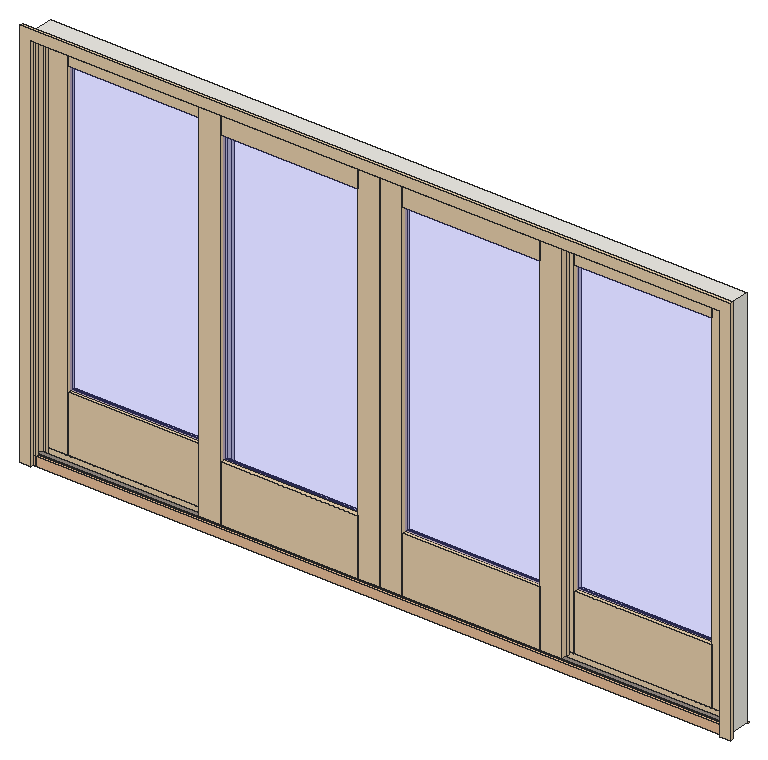
Revit family "Door-Gliding-Andersen-E_Series-Quad", category Doors, host Wall, Revit 2019 (continued)
Dimensions and locks (in)
  aligned and locked: plane 32 "T Casing 4" to curve 117
  aligned and locked: plane 13 "Casing S1" to curve 128
  aligned and locked: plane 10 "Flange" to curve 128
  aligned and locked: plane 54 "Frame S2 Ext" to curve 129
  aligned and locked: plane 9 "Frame S2" to curve 129
  aligned and locked: plane 20 "R Casing 4" to curve 128
  aligned and locked: plane 3 "R Frame" to curve 129
  aligned and locked: plane 13 "Casing S1" to curve 130
  aligned and locked: plane 10 "Flange" to curve 130
  aligned and locked: plane 54 "Frame S2 Ext" to curve 131
  aligned and locked: plane 9 "Frame S2" to curve 131
  aligned and locked: plane 4 "L Frame" to curve 131
  aligned and locked: plane 23 "L Casing 4" to curve 130
  aligned and locked: plane 13 "Casing S1" to curve 132
  aligned and locked: plane 10 "Flange" to curve 132
  aligned and locked: plane 9 "Frame S2" to curve 133
  aligned and locked: plane 5 "T Frame" to curve 133
  aligned and locked: plane 13 "Casing S1" to curve 4
  aligned and locked: plane 32 "T Casing 4" to curve 132
  aligned and locked: plane 4 "L Frame" to Masking region 8 sketch curve
  aligned and locked: plane 5 "T Frame" to Masking region 8 sketch curve
  aligned and locked: Masking region 8 sketch curve to plane 3 "R Frame"
Automatic sketch dimensions
  curve 15 to curve 17 = 0' - 0.988"
  curve 16 to curve 17 = 0' - 1.84113"
  curve 17 to curve 42 = 0' - 0 33/64"
  curve 19 to curve 45 = 0' - 2.0615"
  curve 43 to curve 21 = 0' - 0 1/2"
  curve 21 to curve 17 = 0' - 0 3/4"
  curve 43 to curve 17 = 0' - 0"
  curve 43 to curve 45 = 0' - 0.563"
  curve 42 to curve 42 = 0' - 0 5/8"
  curve 16 to curve 15 = 0' - 0 3/4"
  curve 46 to curve 15 = 0' - 1.08388"
  curve 22 to curve 21 = 0' - 0.21034"
  curve 34 to curve 36 = 0' - 0.988"
  curve 35 to curve 36 = 0' - 1.84113"
  curve 36 to curve 47 = 0' - 0 33/64"
  curve 38 to curve 50 = 0' - 2.0615"
  curve 48 to curve 40 = 0' - 0 1/2"
  curve 40 to curve 36 = 0' - 0 3/4"
  curve 48 to curve 36 = 0' - 0"
  curve 48 to curve 50 = 0' - 0.563"
  curve 47 to curve 47 = 0' - 0 5/8"
  curve 35 to curve 34 = 0' - 0 3/4"
  curve 51 to curve 34 = 0' - 1.08388"
  curve 41 to curve 40 = 0' - 0.21034"
  curve 54 to curve 52 = 0' - 0.988"
  curve 54 to curve 53 = 0' - 1.84113"
  curve 60 to curve 54 = 0' - 0 33/64"
  curve 63 to curve 56 = 0' - 2.0615"
  curve 58 to curve 61 = 0' - 0 1/2"
  curve 58 to curve 54 = 0' - 0 3/4"
  curve 61 to curve 54 = 0' - 0"
  curve 61 to curve 63 = 0' - 0.563"
  curve 60 to curve 60 = 0' - 0 5/8"
  curve 53 to curve 52 = 0' - 0 3/4"
  curve 64 to curve 52 = 0' - 1.08388"
  curve 58 to curve 59 = 0' - 0.21034"
  curve 29 to curve 85 = 0' - 0 1/2"
  curve 85 to curve 23 = 0' - 2.0615"
  curve 23 to curve 23 = 0' - 0 33/64"
  curve 24 to curve 25 = 0' - 2.21925"
  curve 25 to curve 30 = 0' - 0.39954"
  curve 25 to curve 87 = 0' - 0.60988"
  curve 26 to curve 83 = 0' - 0 1/8"
  curve 23 to curve 86 = 0' - 0.062"
  curve 26 to curve 26 = 0' - 0 3/4"
  curve 85 to curve 85 = 0' - 0.563"
  curve 25 to curve 87 = 0' - 0.33388"
  curve 28 to curve 87 = 0' - 0.41612"
  curve 81 to curve 90 = 0' - 0 1/2"
  curve 90 to curve 75 = 0' - 2.0615"
  curve 75 to curve 75 = 0' - 0 33/64"
  curve 76 to curve 77 = 0' - 2.21925"
  curve 77 to curve 82 = 0' - 0.39954"
  curve 77 to curve 92 = 0' - 0.60988"
  curve 78 to curve 88 = 0' - 0 1/8"
  curve 75 to curve 91 = 0' - 0.062"
  curve 78 to curve 78 = 0' - 0 3/4"
  curve 90 to curve 90 = 0' - 0.563"
  curve 77 to curve 92 = 0' - 0.33388"
  curve 80 to curve 92 = 0' - 0.41612"
  curve 67 to curve 68 = 0' - 0.65447"
  curve 68 to curve 70 = 0' - 1.31268"
  curve 71 to curve 65 = 0' - 1.82508"
  curve 65 to curve 65 = 0' - 1.05261"
  curve 93 to curve 71 = 0' - 0.06458"
  curve 65 to curve 65 = 0' - 0.05976"
  curve 65 to curve 73 = 0' - 0.13918"
  curve 71 to curve 71 = 0' - 0.12708"
  curve 71 to curve 72 = 0' - 0 1/8"
  curve 72 to curve 72 = 0' - 0.08478"
  curve 70 to curve 67 = 0' - 1.24271"
  curve 70 to curve 70 = 0' - 1.28489"
  curve 68 to curve 69 = 0' - 0.13398"
  curve 66 to curve 65 = 0' - 0.09649"
  curve 67 to curve 67 = 0' - 1 7/8"
  curve 72 to curve 95 = 0' - 1.60869"
  curve 69 to curve 94 = 0' - 1.21767"
  curve 9 to curve 67 = 0' - 0"
  curve 93 to curve 9 = 0' - 1 15/128"
  curve 93 to curve 9 = 0' - 0"
  curve 10 to curve 67 = 0' - 0"
  curve 8 to curve 66 = 0' - 0"
  curve 96 to curve 96 = 0' - 5 29/32"
  curve 97 to curve 97 = 0' - 5 29/32"
  curve 7 to curve 7 = 0' - 5 29/32"
  curve 103 to curve 104 = 0' - 0.65447"
  curve 104 to curve 106 = 0' - 1.31268"
  curve 107 to curve 101 = 0' - 1.82508"
  curve 101 to curve 101 = 0' - 1.05261"
  curve 111 to curve 107 = 0' - 0.06458"
  curve 101 to curve 101 = 0' - 0.05976"
  curve 101 to curve 109 = 0' - 0.13918"
  curve 107 to curve 107 = 0' - 0.12708"
  curve 107 to curve 108 = 0' - 0 1/8"
  curve 108 to curve 108 = 0' - 0.08478"
  curve 106 to curve 103 = 0' - 1.24271"
  curve 106 to curve 106 = 0' - 1.28489"
  curve 104 to curve 105 = 0' - 0.13398"
  curve 102 to curve 101 = 0' - 0.09649"
  curve 103 to curve 103 = 0' - 1 7/8"
  curve 108 to curve 113 = 0' - 1.60869"
  curve 105 to curve 112 = 0' - 1.21767"
  curve 99 to curve 103 = 0' - 0"
  curve 111 to curve 99 = 0' - 1 15/128"
  curve 111 to curve 99 = 0' - 0"
  curve 100 to curve 103 = 0' - 0"
  curve 98 to curve 102 = 0' - 0"
  Sweep 8 sketch curve to level = 0' - 0"  (x2)
  profile plane to Sweep 8 sketch curve = 0' - 0 3/4"
  profile plane to Sweep 12 sketch curve = 0' - 1.85627"
  Sweep 12 sketch curve to Sweep 12 sketch curve = 0' - 1.73369"
  Split face 1 sketch curve to Sweep 12 = 0' - 0"
  Split face 1 sketch curve to Sweep 12 = 0' - 1.83234"
  Split face 3 sketch curve to Sweep 10 = 0' - 0"  (x2)
  Split face 4 sketch curve to Sweep 10 = 0' - 0"
  Sweep 10 to Split face 4 sketch curve = 0' - 0"
  Sweep 10 to Split face 5 sketch curve = 0' - 0"
  Split face 5 sketch curve to Sweep 10 = 0' - 0"
  Split face 6 sketch curve to Sweep 10 = 0' - 0"  (x2)
  Split face 7 sketch curve to Sweep 8 = 0' - 0"
  Sweep 8 to Split face 7 sketch curve = 0' - 0"
  Sweep 8 to Split face 8 sketch curve = 0' - 0"  (x2)
  Split face 9 sketch curve to Sweep 8 = 0' - 0"  (x2)
  Split face 10 sketch curve to Sweep 8 = 0' - 0"
  Sweep 8 to Split face 10 sketch curve = 0' - 0"
  Split face 11 sketch curve to Sweep 8 = 0' - 0"  (x2)
  Split face 12 sketch curve to Sweep 8 = 0' - 0"  (x2)
  profile plane to Sweep 7 sketch curve = 0' - 1 3/8"
  profile plane to Sweep 7 sketch curve = 0' - 1.313"
  Sweep 7 sketch curve to plane 10 "Flange" = 0' - 4 1/16"
  profile plane to Sweep 7 sketch curve = 0' - 0.41612"
  plane 10 "Flange" to Sweep 7 sketch curve = 0' - 0.35575"
  Sweep 7 sketch curve to Sweep 7 sketch curve = 0' - 0.21034"
  curve 121 to plane 11 "Frame S1" = 0' - 0"
  curve 33 to plane 3 "R Frame" = 0' - 0"
  curve 12 to plane 3 "R Frame" = 0' - 0"
  curve 115 to plane 3 "R Frame" = 0' - 0"
  curve 33 to plane 36 "R Xjamb 1" = 0' - 0"
  curve 12 to plane 17 "R Casing 1" = 0' - 0 1/8"
  Sweep 9 sketch curve to profile plane = 0' - 0.09649"
  Sweep 9 sketch curve to plane 10 "Flange" = 0' - 3.94709"
  Sweep 9 sketch curve to profile plane = 0' - 0 5/32"
  Sweep 9 sketch curve to Sweep 9 sketch curve = 0' - 0.13918"
  Sweep 9 sketch curve to profile plane = 0' - 0.42251"
  Sweep 9 sketch curve to Sweep 9 sketch curve = 0' - 0 1/8"
  Sweep 9 sketch curve to profile plane = 0' - 0.63229"
  Sweep 9 sketch curve to Sweep 9 sketch curve = 0' - 1.28489"
  Sweep 9 sketch curve to Sweep 9 sketch curve = 0' - 0.13398"
  Sweep 9 sketch curve to Sweep 9 sketch curve = 0' - 1.31268"
  plane 10 "Flange" to Sweep 9 sketch curve = 0' - 0.40833"
  curve 32 to level = 0' - 0"
  curve 31 to level = 0' - 0"
  curve 119 to plane 46 "B Panel" = 0' - 0"
  curve 31 to plane 46 "B Panel" = 0' - 0"
  Sweep 13 sketch curve to profile plane = 0' - 0"
  Sweep 13 sketch curve to plane 10 "Flange" = 0' - 1.41675"
  Sweep 13 sketch curve to profile plane = 0' - 1.73369"
  plane 10 "Flange" to Sweep 13 sketch curve = 0' - 0 11/32"
  Sweep 13 sketch curve to Sweep 13 sketch curve = 0' - 0.12258"
  Split face 2 sketch curve to Sweep 13 = 0' - 0"
  Split face 2 sketch curve to Sweep 13 = 0' - 0 3/8"
  Split face 2 sketch curve to Split face 2 sketch curve = 0' - 1.83234"
  Split face 13 sketch curve to Sweep 7 = 0' - 0"
  Sweep 7 to Split face 13 sketch curve = 0' - 0"
  Split face 14 sketch curve to Sweep 7 = 0' - 0"  (x2)
  Split face 15 sketch curve to Sweep 7 = 0' - 0"  (x2)
  curve 116 to plane 10 "Flange" = 0' - 0"
  curve 14 to level = 0' - 0"
  curve 14 to plane 57 "Sill Interior" = 0' - 0"
  curve 14 to plane 58 "Sill Exterior" = 0' - 0"
  plane 30 "T Casing 2" to curve 1 = 0' - 0"
  curve 3 to plane 11 "Frame S1" = 0' - 0"
  curve 11 to plane 11 "Frame S1" = 0' - 0"
  plane 31 "T Casing 3" to curve 1 = 0' - 0"
  level to curve 119 = 0' - 0.29543"
Nested families (in)
  nested 1: "Gliding_Panel" at (53.8747, -0.25, 2.1562), Width <- "Panel Width", Height <- "Panel Height", Between Glass Grille Bar Finish <- "Between Glass Grille Bar Finish", Exterior Grille Bar Finish <- "Exterior Grille Bar Finish", Between Glass Grille Bar Visibility <- "Between Glass Grille Bar Visibility", Exterior Grille Bar Visibility <- "Exterior Grille Bar Visibility", Interior Grille Bar Visibility <- "Interior Grille Bar Visibility", . . Lights Wide <- ". . Lights Wide", . . Top Glass Lights High <- ". . Top Light Lights High", . . Bottom Glass Lights High <- ". . Bottom Light Lights High", . . .Lights Wide <- ". . .Lights Wide", . . .Lights High <- ". . .Lights High", . . .Bottom Bar Location <- ". . .Bottom Bar Location", . . .Bottom Bar Size <- ". . .Bottom Bar Size", Enter Pattern Number <- "Enter Pattern Number", Grille Bar Size <- "Grille Bar Size", Exterior Panel Finish <- "Exterior Panel Finish", Glazing <- "Glazing Material", Interior Material <- "Interior Material", type <- "Panel Type", Right Jamb Material <- "Exterior Panel Finish", Left Jamb Material <- "Exterior Panel Finish", type "SP2"
    with Width 3' - 2 5/8", VGB DLO 0' - 9.16673", V Bars 2, TS V DLO 5' - 2 3/16", TS V Bar Length 5' - 2 3/16", TS SH DLO 2' - 11 25/32", TS S V no, TS S H Craftsman no, TS S H no, TS M V no, TS M H no, TS HGB DLO 0' - 5", TS H Bars 2, Right Jamb Material Aluminum - Andersen - Painted - White, Left Jamb Material Aluminum - Andersen - Painted - White, LW 1, Is Outswing no, Is Inswing no, Is Gliding no, Interior Material Wood - Andersen - Pine, Interior Grille Bar Visibility yes, Horizontal Craftsman Bar Size 0' - 0 7/8", Hinge "", Height 6' - 6 7/8", H DLO 2' - 5.2502", Grille Bar Size 0' - 0 7/8", Glazing Glass ‐ Andersen - Low-E4 SmartSun, Exterior Panel Finish Aluminum - Andersen - Painted - White, Exterior Grille Bar Visibility yes, Exterior Grille Bar Finish Aluminum - Andersen - Painted - White, Enter Pattern Number 1, CTRL Elevation Swing Visibility no, Between Glass Grille Bar Visibility yes, Between Glass Grille Bar Finish Stainless Steel - Andersen - Standard, BS V DLO 1' - 8 11/32", BS SH DLO 1' - 10 11/64", BS S V no, BS S H no, BS M V no, BS M H no, BS HGB DLO 0' - 5", BS H Bars 2, . . Top Glass Lights High 1, . . Lights Wide 1, . . Bottom Glass Lights High 1, . . .Lights Wide 3, . . .Lights High 1, . . .Bottom Bar Size 0' - 0 7/8", . . .Bottom Bar Location 1' - 0", Top Rail Size 0' - 4 11/16", Stile Size 0' - 4.6874", Middle Rail Size 0' - 5 5/16", Bottom Rail Size 1' - 0"
  nested 2: "Gliding_Panel" at (-19.3125, -2.76125, 2.1562) x (-1, 0, 0) z (0, 0, 1), Width <- "Panel Width", Height <- "Panel Height", Between Glass Grille Bar Finish <- "Between Glass Grille Bar Finish", Exterior Grille Bar Finish <- "Exterior Grille Bar Finish", Between Glass Grille Bar Visibility <- "Between Glass Grille Bar Visibility", Exterior Grille Bar Visibility <- "Exterior Grille Bar Visibility", Interior Grille Bar Visibility <- "Interior Grille Bar Visibility", . . Lights Wide <- ". . Lights Wide", . . Top Glass Lights High <- ". . Top Light Lights High", . . Bottom Glass Lights High <- ". . Bottom Light Lights High", . . .Lights Wide <- ". . .Lights Wide", . . .Lights High <- ". . .Lights High", . . .Bottom Bar Location <- ". . .Bottom Bar Location", . . .Bottom Bar Size <- ". . .Bottom Bar Size", Enter Pattern Number <- "Enter Pattern Number", Grille Bar Size <- "Grille Bar Size", Is Gliding <- "Is Gliding", Exterior Panel Finish <- "Exterior Panel Finish", Glazing <- "Glazing Material", Interior Material <- "Interior Material", type <- "Panel Type", Left Jamb Material <- "Interior Material", Right Jamb Material <- "Interior Material", type "SP2"
    with Width 3' - 2 5/8", VGB DLO 0' - 9.16673", V Bars 2, TS V DLO 5' - 2 3/16", TS V Bar Length 5' - 2 3/16", TS SH DLO 2' - 11 25/32", TS S V no, TS S H Craftsman no, TS S H no, TS M V no, TS M H no, TS HGB DLO 0' - 5", TS H Bars 2, Right Jamb Material Wood - Andersen - Pine, Left Jamb Material Wood - Andersen - Pine, LW 1, Is Outswing no, Is Inswing no, Is Gliding yes, Interior Material Wood - Andersen - Pine, Interior Grille Bar Visibility yes, Horizontal Craftsman Bar Size 0' - 0 7/8", Hinge "", Height 6' - 6 7/8", H DLO 2' - 5.2502", Grille Bar Size 0' - 0 7/8", Glazing Glass ‐ Andersen - Low-E4 SmartSun, Exterior Panel Finish Aluminum - Andersen - Painted - White, Exterior Grille Bar Visibility yes, Exterior Grille Bar Finish Aluminum - Andersen - Painted - White, Enter Pattern Number 1, CTRL Elevation Swing Visibility no, Between Glass Grille Bar Visibility yes, Between Glass Grille Bar Finish Stainless Steel - Andersen - Standard, BS V DLO 1' - 8 11/32", BS SH DLO 1' - 10 11/64", BS S V no, BS S H no, BS M V no, BS M H no, BS HGB DLO 0' - 5", BS H Bars 2, . . Top Glass Lights High 1, . . Lights Wide 1, . . Bottom Glass Lights High 1, . . .Lights Wide 3, . . .Lights High 1, . . .Bottom Bar Size 0' - 0 7/8", . . .Bottom Bar Location 1' - 0", Top Rail Size 0' - 4 11/16", Stile Size 0' - 4.6874", Middle Rail Size 0' - 5 5/16", Bottom Rail Size 1' - 0"
  nested 3: "Gliding_Panel" at (-53.875, -0.25, 2.1562) x (-1, 0, 0) z (0, 0, 1), Width <- "Panel Width", Height <- "Panel Height", Between Glass Grille Bar Finish <- "Between Glass Grille Bar Finish", Exterior Grille Bar Finish <- "Exterior Grille Bar Finish", Between Glass Grille Bar Visibility <- "Between Glass Grille Bar Visibility", Exterior Grille Bar Visibility <- "Exterior Grille Bar Visibility", Interior Grille Bar Visibility <- "Interior Grille Bar Visibility", . . Lights Wide <- ". . Lights Wide", . . Top Glass Lights High <- ". . Top Light Lights High", . . Bottom Glass Lights High <- ". . Bottom Light Lights High", . . .Lights Wide <- ". . .Lights Wide", . . .Lights High <- ". . .Lights High", . . .Bottom Bar Location <- ". . .Bottom Bar Location", . . .Bottom Bar Size <- ". . .Bottom Bar Size", Enter Pattern Number <- "Enter Pattern Number", Grille Bar Size <- "Grille Bar Size", Exterior Panel Finish <- "Exterior Panel Finish", Glazing <- "Glazing Material", Interior Material <- "Interior Material", type <- "Panel Type", Right Jamb Material <- "Exterior Panel Finish", Left Jamb Material <- "Exterior Panel Finish", type "SP2"
    with Width 3' - 2 5/8", VGB DLO 0' - 9.16673", V Bars 2, TS V DLO 5' - 2 3/16", TS V Bar Length 5' - 2 3/16", TS SH DLO 2' - 11 25/32", TS S V no, TS S H Craftsman no, TS S H no, TS M V no, TS M H no, TS HGB DLO 0' - 5", TS H Bars 2, Right Jamb Material Aluminum - Andersen - Painted - White, Left Jamb Material Aluminum - Andersen - Painted - White, LW 1, Is Outswing no, Is Inswing no, Is Gliding no, Interior Material Wood - Andersen - Pine, Interior Grille Bar Visibility yes, Horizontal Craftsman Bar Size 0' - 0 7/8", Hinge "", Height 6' - 6 7/8", H DLO 2' - 5.2502", Grille Bar Size 0' - 0 7/8", Glazing Glass ‐ Andersen - Low-E4 SmartSun, Exterior Panel Finish Aluminum - Andersen - Painted - White, Exterior Grille Bar Visibility yes, Exterior Grille Bar Finish Aluminum - Andersen - Painted - White, Enter Pattern Number 1, CTRL Elevation Swing Visibility no, Between Glass Grille Bar Visibility yes, Between Glass Grille Bar Finish Stainless Steel - Andersen - Standard, BS V DLO 1' - 8 11/32", BS SH DLO 1' - 10 11/64", BS S V no, BS S H no, BS M V no, BS M H no, BS HGB DLO 0' - 5", BS H Bars 2, . . Top Glass Lights High 1, . . Lights Wide 1, . . Bottom Glass Lights High 1, . . .Lights Wide 3, . . .Lights High 1, . . .Bottom Bar Size 0' - 0 7/8", . . .Bottom Bar Location 1' - 0", Top Rail Size 0' - 4 11/16", Stile Size 0' - 4.6874", Middle Rail Size 0' - 5 5/16", Bottom Rail Size 1' - 0"
  nested 4: "Gliding_Panel" at (19.3125, -2.76125, 2.1562), Width <- "Panel Width", Height <- "Panel Height", Between Glass Grille Bar Finish <- "Between Glass Grille Bar Finish", Exterior Grille Bar Finish <- "Exterior Grille Bar Finish", Between Glass Grille Bar Visibility <- "Between Glass Grille Bar Visibility", Exterior Grille Bar Visibility <- "Exterior Grille Bar Visibility", Interior Grille Bar Visibility <- "Interior Grille Bar Visibility", . . Lights Wide <- ". . Lights Wide", . . Top Glass Lights High <- ". . Top Light Lights High", . . Bottom Glass Lights High <- ". . Bottom Light Lights High", . . .Lights Wide <- ". . .Lights Wide", . . .Lights High <- ". . .Lights High", . . .Bottom Bar Location <- ". . .Bottom Bar Location", . . .Bottom Bar Size <- ". . .Bottom Bar Size", Enter Pattern Number <- "Enter Pattern Number", Grille Bar Size <- "Grille Bar Size", Is Gliding <- "Is Gliding", Exterior Panel Finish <- "Exterior Panel Finish", Glazing <- "Glazing Material", Interior Material <- "Interior Material", type <- "Panel Type", Right Jamb Material <- "Interior Material", Left Jamb Material <- "Interior Material", type "SP2"
    with Width 3' - 2 5/8", VGB DLO 0' - 9.16673", V Bars 2, TS V DLO 5' - 2 3/16", TS V Bar Length 5' - 2 3/16", TS SH DLO 2' - 11 25/32", TS S V no, TS S H Craftsman no, TS S H no, TS M V no, TS M H no, TS HGB DLO 0' - 5", TS H Bars 2, Right Jamb Material Wood - Andersen - Pine, Left Jamb Material Wood - Andersen - Pine, LW 1, Is Outswing no, Is Inswing no, Is Gliding yes, Interior Material Wood - Andersen - Pine, Interior Grille Bar Visibility yes, Horizontal Craftsman Bar Size 0' - 0 7/8", Hinge "", Height 6' - 6 7/8", H DLO 2' - 5.2502", Grille Bar Size 0' - 0 7/8", Glazing Glass ‐ Andersen - Low-E4 SmartSun, Exterior Panel Finish Aluminum - Andersen - Painted - White, Exterior Grille Bar Visibility yes, Exterior Grille Bar Finish Aluminum - Andersen - Painted - White, Enter Pattern Number 1, CTRL Elevation Swing Visibility no, Between Glass Grille Bar Visibility yes, Between Glass Grille Bar Finish Stainless Steel - Andersen - Standard, BS V DLO 1' - 8 11/32", BS SH DLO 1' - 10 11/64", BS S V no, BS S H no, BS M V no, BS M H no, BS HGB DLO 0' - 5", BS H Bars 2, . . Top Glass Lights High 1, . . Lights Wide 1, . . Bottom Glass Lights High 1, . . .Lights Wide 3, . . .Lights High 1, . . .Bottom Bar Size 0' - 0 7/8", . . .Bottom Bar Location 1' - 0", Top Rail Size 0' - 4 11/16", Stile Size 0' - 4.6874", Middle Rail Size 0' - 5 5/16", Bottom Rail Size 1' - 0"
Definition of nested family "Gliding_Panel"
  Parameters
    URL = "www.eaglewindow.com"
    Right Jamb Material [instance] = none
    Model = "E-Series Doors"  # constant formula
    Manufacturer = "Andersen Corporation"  # constant formula
    Left Jamb Material [instance] = none
    Is Gliding [instance] = no
    Interior Material [instance] = none
    Hinge [instance] = ""
    Grille Bar Sizes = "5/8'', 7/8'', 1 1/8'', 1 1/2'', 2 1/4''"  # constant formula
    Glazing [instance] = none
    Exterior Panel Finish [instance] = none
    Description = "Aluminum-Clad Wood Doors"  # constant formula
    CTRL Elevation Swing Visibility [instance] = or(Is Outswing, Is Inswing)  # no
    Between Glass Grille Bar Sizes = "5/8'', 1''"  # constant formula
    Grille Bar Size [instance] = 0' - 0 7/8"
    Enter Pattern Number [instance] = 1
    Pattern Number 1 = "Traditional"  # constant formula
    Pattern Number 2 = "Traditional Top Light Only"  # constant formula
    Analytic Construction = "<None>"
    . . Lights Wide [instance] = 3
    . . Top Glass Lights High [instance] = 3
    . . Bottom Glass Lights High [instance] = 4
    Pattern Number 3 = "Praire Each Light"  # constant formula
    Pattern Number 4 = "Praire Top Light Only"  # constant formula
    Pattern Number 5 = "Praire Overall"  # constant formula
    Pattern Number 6 = "Craftsman"  # constant formula
    . . .Lights Wide [instance] = 3
    . . .Lights High [instance] = 1
    . . .Bottom Bar Location [instance] = 1' - 6"
    . . .Bottom Bar Size [instance] = 0' - 0 7/8"
    Interior Grille Bar Visibility [instance] = yes
    Exterior Grille Bar Visibility [instance] = yes
    Between Glass Grille Bar Visibility [instance] = yes
    Width [instance] = 2' - 10 3/4"
    VGB DLO [instance] = if(or(Enter Pattern Number = 3, or(Enter Pattern Number = 4, Enter Pattern Number = 5)), 0' 5", (H DLO - (Grille Bar Size * (V Bars))) / if(LW > 2, LW, 3))  # 0' - 9.16667"
    V Bars [instance] = if(LW > 2, LW - 1, 2)  # 2
    Type Comments = "Aluminum-Clad Wood"
    Top Rail Size = 0' - 2 3/4"
    Thickness = 0' - 1 3/4"
    TS V DLO [instance] = if(Has Middle Rail, Height - Top Rail Size - Middle Rail Size - Middle Rail Offset, Height - Bottom Rail Size - Top Rail Size)  # 6' - 6 1/2"
    TS V Bar Length [instance] = if(Enter Pattern Number = 6, . . .Bottom Bar Location - Top Rail Size - (. . .Bottom Bar Size / 2), TS V DLO)  # 6' - 6 1/2"
    TS SH DLO [instance] = if(Enter Pattern Number = 5, Top Rail Size + 0' 5" + (Grille Bar Size / 2), if(Enter Pattern Number = 6, . . .Bottom Bar Location, (TS V DLO / 2) + Top Rail Size))  # 3' - 6"
    TS S V [instance] = LW = 2  # no
    TS S H Craftsman [instance] = and(Enter Pattern Number = 6, . . .Lights High = 2)  # no
    TS S H [instance] = or(or(and(. . Top Glass Lights High = 2, or(or(or(Enter Pattern Number = 5, Enter Pattern Number = 6), Enter Pattern Number = 1), Enter Pattern Number = 2)), Enter Pattern Number = 6), Enter Pattern Number = 5)  # no
    TS M V [instance] = or(or(or(or(or(and(LW > 2, Enter Pattern Number = 1), and(LW > 2, Enter Pattern Number = 2)), Enter Pattern Number = 3), Enter Pattern Number = 4), Enter Pattern Number = 5), and(LW > 2, Enter Pattern Number = 6))  # yes
    TS M H [instance] = or(or(or(and(. . Top Glass Lights High > 2, Enter Pattern Number = 1), and(. . Top Glass Lights High > 2, Enter Pattern Number = 2), Enter Pattern Number = 3), Enter Pattern Number = 4), and(. . .Lights High > 2, Enter Pattern Number = 6))  # yes
    TS HGB DLO [instance] = if(or(Enter Pattern Number = 3, Enter Pattern Number = 4), 0' 5", if(and(Enter Pattern Number = 6, . . .Lights High > 2), (TS V Bar Length - (Grille Bar Size * (. . .Lights High - 1))) / . . .Lights High, if(. . Top Glass Lights High > 2, (TS V Bar Length - (. . .Bottom Bar Size * (. . Top Glass Lights High - 1))) / . . Top Glass Lights High, 0' 5")))  # 2' - 1.58333"
    TS H Bars [instance] = if(or(Enter Pattern Number = 3, Enter Pattern Number = 4), 2, if(and(Enter Pattern Number = 6, . . .Lights High > 2), . . .Lights High - 1, if(. . Top Glass Lights High > 2, . . Top Glass Lights High - 1, 2)))  # 2
    LW [instance] = if(or(Enter Pattern Number = 1, Enter Pattern Number = 2), . . Lights Wide, if(Enter Pattern Number = 6, . . .Lights Wide, 3))  # 3
    Horizontal Craftsman Bar Size [instance] = if(Enter Pattern Number = 6, . . .Bottom Bar Size, Grille Bar Size)  # 0' - 0 7/8"
    Stile Size = 0' - 2 3/4"
    Middle Rail Size = 0' - 2 3/4"
    Middle Rail Offset = 2' - 8 11/32"
    Is Outswing [instance] = no
    Is Inswing [instance] = no
    Height [instance] = 7' - 0"
    No Middle Rail = not(Has Middle Rail)  # yes
    Has Middle Rail = 1 = 0  # no
    H DLO [instance] = Width - (2 * Stile Size)  # 2' - 5 1/4"
    Family Version = "06.01.14"  # constant formula
    Exterior Grille Bar Finish [instance] = none
    Bottom Rail Size = 0' - 2 3/4"
    Between Glass Grille Bar Finish [instance] = none
    BS V DLO [instance] = Middle Rail Offset - Bottom Rail Size  # 2' - 5 19/32"
    BS SH DLO [instance] = if(Enter Pattern Number = 5, Bottom Rail Size + 0' 5" + (Grille Bar Size / 2), (BS V DLO / 2) + Bottom Rail Size)  # 1' - 5 35/64"
    BS S V [instance] = and(and(LW = 2, Enter Pattern Number = 1), Has Middle Rail)  # no
    BS S H [instance] = or(and(. . Bottom Glass Lights High = 2, Enter Pattern Number = 1, Has Middle Rail), Enter Pattern Number = 5)  # no
    BS M V [instance] = and(or(or(and(LW > 2, Enter Pattern Number = 1), Enter Pattern Number = 3), Enter Pattern Number = 5), Has Middle Rail)  # no
    BS M H [instance] = and(or(and(. . Bottom Glass Lights High > 2, Enter Pattern Number = 1), Enter Pattern Number = 3), Has Middle Rail)  # no
    BS HGB DLO [instance] = if(. . Bottom Glass Lights High > 2, if(Enter Pattern Number = 3, 0' 5", (BS V DLO - (Grille Bar Size * (. . Bottom Glass Lights High - 1))) / . . Bottom Glass Lights High), 0' 5")  # 0' - 6 95/128"
    BS H Bars [instance] = if(Enter Pattern Number = 3, 2, if(. . Bottom Glass Lights High > 2, . . Bottom Glass Lights High - 1, 2))  # 3
    Appear In Schedule = 0 = 1  # no
  Reference planes (in)
    plane 1 "Center (Front/Back)": y = 0
    plane 2 "Bottom": z = 0
    plane 3 "Center (Left/Right)": x = 0
    plane 4 "Panel S1": y = 0.875
    plane 5 "Panel S2": y = -0.875
    plane 6 "Left": x = -17.375
    plane 7 "Right": x = 17.375
    plane 8 "Top": z = 84
    plane 9 "Center (Elevation)": z = 42
    plane 10 "Right of Left Side": x = -14.625
    plane 11 "Left of Right Side": x = 14.625
    plane 12 "Top of Bottom Rail": z = 2.75
    plane 13 "Bottom of Top Rail": z = 81.25
    plane 14 "Bottom of Middle Rail": z = 32.34375
    plane 15 "Top of Middle Rail": z = 35.09375
    plane 16 "Glass S4": y = -0.25
    plane 17 "Glass S1": y = 0.5
    plane 18 "Glass S3": y = -0.125
    plane 19 "Glass S2": y = 0.375
    plane 20 "B DLO": z = 2.75
    plane 21 "Sliding Elevation": x = -5.7729
  Forms (in)
    Sweep 1, solid, material <- "Exterior Panel Finish"
      path origin (0, 0, 0) x (1, 0, 0) y (0, 0, 1)
        loop
          line (0, 84) -> (0, 0)
      profile origin (0, 0, 42) x (0, -1, 0) y (1, 0, 0)
        loop
          line (-0.875, -17.375) -> (-0.5, -17.375) -> (-0.5, -14.625) -> (-0.875, -14.625) -> (-0.875, -17.375)
        loop
          line (-0.875, 17.375) -> (-0.875, 14.625) -> (-0.5, 14.625) -> (-0.5, 17.375) -> (-0.875, 17.375)
    Sweep 2, solid, material <- "Exterior Panel Finish"
      path origin (0, 0, 0) x (1, 0, 0) y (0, 0, 1)
        loop
          line (-14.625, 2.75) -> (14.625, 2.75)
      profile origin (0, 0, 2.75) x (0, 0, 1) y (0, -1, 0)
        loop
          line (0, -0.875) -> (0, -0.5) -> (-2.75, -0.5) -> (-2.75, -0.875) -> (0, -0.875)
        loop
          line (78.5, -0.5) -> (78.5, -0.875) -> (81.25, -0.875) -> (81.25, -0.5) -> (78.5, -0.5)
    Sweep 3, solid, material <- "Interior Material"
      path origin (0, 0, 0) x (1, 0, 0) y (0, 0, 1)
        loop
          line (0, 84) -> (0, 0)
      profile origin (0, 0, 42) x (0, -1, 0) y (1, 0, 0)
        loop
          line (0.875, 17.375) -> (-0.5, 17.375) -> (-0.5, 14.625) -> (0.875, 14.625) -> (0.875, 17.375)
        loop
          line (0.875, -14.625) -> (-0.5, -14.625) -> (-0.5, -17.375) -> (0.875, -17.375) -> (0.875, -14.625)
    Sweep 4, solid, material <- "Interior Material"
      path origin (0, 0, 0) x (1, 0, 0) y (0, 0, 1)
        loop
          line (-14.625, 35.09375) -> (14.625, 35.09375)
      profile origin (0, 0, 35.09375) x (0, 0, 1) y (0, -1, 0)
        loop
          line (48.90625, 0.875) -> (46.15625, 0.875) -> (46.15625, -0.5) -> (48.90625, -0.5) -> (48.90625, 0.875)
        loop
          line (-32.34375, 0.875) -> (-35.09375, 0.875) -> (-35.09375, -0.5) -> (-32.34375, -0.5) -> (-32.34375, 0.875)
    Sweep 5, solid, material <- "Glazing"
      path origin (0, 0, 0) x (1, 0, 0) y (0, 0, 1)
        loop
          line (0, 81.25) -> (0, 2.75)
      profile origin (0, 0, 42) x (0, -1, 0) y (1, 0, 0)
        loop
          line (-0.5, 14.625) -> (-0.5, -14.625) -> (0.25, -14.625) -> (0.25, 14.625) -> (-0.5, 14.625)
    Sweep 6, solid, material <- "Exterior Panel Finish", visible <- "Has Middle Rail"
      path origin (0, 0, 0) x (1, 0, 0) y (0, 0, 1)
        loop
          line (-14.625, 35.09375) -> (14.625, 35.09375)
      profile origin (0, 0, 35.09375) x (0, 0, 1) y (0, -1, 0)
        loop
          line (0, -0.875) -> (0, -0.5) -> (-2.75, -0.5) -> (-2.75, -0.875) -> (0, -0.875)
    Sweep 7, solid, material <- "Interior Material", visible <- "Has Middle Rail"
      path origin (0, 0, 0) x (1, 0, 0) y (0, 0, 1)
        loop
          line (-14.625, 35.09375) -> (14.625, 35.09375)
      profile origin (0, 0, 35.09375) x (0, 0, 1) y (0, -1, 0)
        loop
          line (0, -0.5) -> (0, 0.875) -> (-2.75, 0.875) -> (-2.75, -0.5) -> (0, -0.5)
  Lines and regions (in)
    Masking region 1
      outline origin (0, 0, 0) x (1, 0, 0) y (0, 1, 0)
        loop
          line (17.375, 0.875) -> (-17.375, 0.875) -> (-17.375, -0.875) -> (17.375, -0.875) -> (17.375, 0.875)
    Masking region 2
      outline origin (0, 0, 0) x (0, 1, 0) y (0, 0, 1)
        loop
          line (0.875, 84) -> (-0.875, 84) -> (-0.875, 0) -> (0.875, 0) -> (0.875, 84)
    Masking region 3
      outline origin (0, 0, 0) x (1, 0, 0) y (0, 0, 1)
        loop
          line (17.375, 84) -> (-17.375, 84) -> (-17.375, 0) -> (17.375, 0) -> (17.375, 84)
    symbolic lines
      curve 1: line (14.625, 0, 81.25) -> (-14.625, 0, 81.25)
      curve 6: line (-14.625, 0, 2.75) -> (14.625, 0, 2.75)
      curve 19: line (0, -0.25, 2.75) -> (0, -0.25, 32.34375)
      curve 20: line (0, 0.5, 2.75) -> (0, 0.5, 32.34375)
      curve 21: line (0, -0.25, 34.46875) -> (0, -0.25, 81.25)
      curve 22: line (0, 0.5, 34.46875) -> (0, 0.5, 81.25)
      curve 60: line (0, 0.875, 2.48437) -> (0, 0.78125, 2.48437)
      curve 61: line (0, 0.78125, 2.48437) -> (0, 0.64063, 2.75)
      curve 62: line (0, 0.64063, 2.75) -> (0, 0.5, 2.75)
      curve 63: line (0, 0.5, 2.75) -> (0, 0.5, 2.125)
      curve 64: line (0, -0.875, 2.125) -> (0, 0.5, 2.125)
      curve 65: line (0, -0.75, 2.65625) -> (0, -0.75, 2.125)
      curve 66: line (0, -0.25, 2.75) -> (0, -0.75, 2.65625)
      curve 67: line (0, -0.25, 2.125) -> (0, -0.25, 2.75)
      curve 93: line (0, 0.875, 81.51562) -> (0, 0.78125, 81.51562)
      curve 94: line (0, 0.78125, 81.51562) -> (0, 0.64062, 81.25)
      curve 95: line (0, 0.64062, 81.25) -> (0, 0.5, 81.25)
      curve 96: line (0, 0.5, 81.25) -> (0, 0.5, 81.875)
      curve 97: line (0, -0.875, 81.875) -> (0, 0.5, 81.875)
      curve 98: line (0, -0.75, 81.34375) -> (0, -0.75, 81.875)
      curve 99: line (0, -0.25, 81.25) -> (0, -0.75, 81.34375)
      curve 100: line (0, -0.25, 81.875) -> (0, -0.25, 81.25)
    symbolic lines, detail levels medium+fine
      curve 2: line (14.625, 0, 0) -> (14.625, 0, 84)
      curve 4: line (-14.625, 0, 84) -> (-14.625, 0, 0)
      curve 23: line (-14.625, 0.5, 0) -> (14.625, 0.5, 0)
      curve 24: line (14.625, -0.25, 0) -> (-14.625, -0.25, 0)
    symbolic lines, visible <- "Has Middle Rail"
      curve 3: line (-14.625, 0, 35.09375) -> (14.625, 0, 35.09375)
      curve 5: line (14.625, 0, 32.34375) -> (-14.625, 0, 32.34375)
      curve 82: line (0, 0.875, 34.82812) -> (0, 0.78125, 34.82812)
      curve 83: line (0, 0.78125, 34.82812) -> (0, 0.64062, 35.09375)
      curve 84: line (0, 0.64062, 35.09375) -> (0, 0.5, 35.09375)
      curve 85: line (0, 0.5, 35.09375) -> (0, 0.5, 34.46875)
      curve 86: line (0, -0.875, 34.46875) -> (0, 0.5, 34.46875)
      curve 87: line (0, -0.75, 35) -> (0, -0.75, 34.46875)
      curve 88: line (0, -0.25, 35.09375) -> (0, -0.75, 35)
      curve 89: line (0, -0.25, 34.46875) -> (0, -0.25, 35.09375)
      curve 104: line (0, 0.875, 32.60937) -> (0, 0.78125, 32.60937)
      curve 105: line (0, 0.78125, 32.60937) -> (0, 0.64062, 32.34375)
      curve 106: line (0, 0.64062, 32.34375) -> (0, 0.5, 32.34375)
      curve 107: line (0, 0.5, 32.34375) -> (0, 0.5, 32.96875)
      curve 108: line (0, -0.875, 32.96875) -> (0, 0.5, 32.96875)
      curve 109: line (0, -0.75, 32.4375) -> (0, -0.75, 32.96875)
      curve 110: line (0, -0.25, 32.34375) -> (0, -0.75, 32.4375)
      curve 111: line (0, -0.25, 32.96875) -> (0, -0.25, 32.34375)
    symbolic lines, visible <- "Is Outswing"
      curve 7: line (17.375, 0.875, 0) -> (17.375, 35.625, 0)
      curve 8: arc (-17.375, 0.875, 0) -> (-6.90927, 25.15927, 0) -> (17.375, 35.625, 0) r 35.7816
    symbolic lines, visible <- "Is Inswing"
      curve 9: line (17.375, -0.875, 0) -> (17.375, -35.625, 0)
      curve 10: arc (-17.375, -0.875, 0) -> (-7.19696, -25.44696, 0) -> (17.375, -35.625, 0) r 34.75
    symbolic lines, visible <- "CTRL Elevation Swing Visibility"
      curve 11: line (-17.375, 0, 84) -> (17.375, 0, 42)
      curve 12: line (17.375, 0, 42) -> (-17.375, 0, 0)
    symbolic lines, detail levels fine
      curve 13: line (0, -0.125, 81.25) -> (0, -0.125, 34.46875)
      curve 14: line (0, 0.375, 81.25) -> (0, 0.375, 34.46875)
      curve 15: line (0, -0.125, 32.34375) -> (0, -0.125, 2.75)
      curve 16: line (0, 0.375, 32.34375) -> (0, 0.375, 2.75)
      curve 17: line (-14.625, -0.125, 0) -> (14.625, -0.125, 0)
      curve 18: line (-14.625, 0.375, 0) -> (14.625, 0.375, 0)
      curve 25: line (14.89063, 0.875, 0) -> (14.89063, 0.78125, 0)
      curve 26: line (14.89063, 0.78125, 0) -> (14.625, 0.64062, 0)
      curve 27: line (14.625, 0.64062, 0) -> (14.625, 0.5, 0)
      curve 28: line (14.625, 0.5, 0) -> (15.25, 0.5, 0)
      curve 29: line (15.25, 0.5, 0) -> (15.25, -0.875, 0)
      curve 30: line (15.25, -0.25, 0) -> (14.625, -0.25, 0)
      curve 31: line (14.625, -0.25, 0) -> (14.71875, -0.75, 0)
      curve 32: line (14.71875, -0.75, 0) -> (15.25, -0.75, 0)
      curve 41: line (-14.89063, 0.875, 0) -> (-14.89063, 0.78125, 0)
      curve 42: line (-14.89063, 0.78125, 0) -> (-14.625, 0.64062, 0)
      curve 43: line (-14.625, 0.64062, 0) -> (-14.625, 0.5, 0)
      curve 44: line (-14.625, 0.5, 0) -> (-15.25, 0.5, 0)
      curve 45: line (-15.25, 0.5, 0) -> (-15.25, -0.875, 0)
      curve 46: line (-15.25, -0.25, 0) -> (-14.625, -0.25, 0)
      curve 47: line (-14.625, -0.25, 0) -> (-14.71875, -0.75, 0)
      curve 48: line (-14.71875, -0.75, 0) -> (-15.25, -0.75, 0)
      curve 49: line (14.625, 0.375, 0) -> (15.25, 0.375, 0)
      curve 50: line (14.625, -0.125, 0) -> (15.25, -0.125, 0)
      curve 51: line (14.75, -0.125, 0) -> (14.75, 0.375, 0)
      curve 55: line (-14.625, 0.375, 0) -> (-15.25, 0.375, 0)
      curve 56: line (-14.625, -0.125, 0) -> (-15.25, -0.125, 0)
      curve 57: line (-14.75, -0.125, 0) -> (-14.75, 0.375, 0)
      curve 68: line (0, -0.125, 2.75) -> (0, -0.125, 2.125)
      curve 69: line (0, -0.125, 2.625) -> (0, 0.375, 2.625)
      curve 70: line (0, 0.375, 2.75) -> (0, 0.375, 2.125)
      curve 101: line (0, -0.125, 81.25) -> (0, -0.125, 81.875)
      curve 102: line (0, -0.125, 81.375) -> (0, 0.375, 81.375)
      curve 103: line (0, 0.375, 81.25) -> (0, 0.375, 81.875)
    symbolic lines, not visible, detail levels fine
      curve 33: line (9.54443, 3.16951, 0) -> (9.54443, 3.07576, 0)
      curve 34: line (9.54443, 3.07576, 0) -> (9.2788, 2.93514, 0)
      curve 35: line (9.2788, 2.93514, 0) -> (9.2788, 2.79451, 0)
      curve 36: line (9.2788, 2.79451, 0) -> (9.9038, 2.79451, 0)
      curve 37: line (9.9038, 2.79451, 0) -> (9.9038, 1.41951, 0)
      curve 38: line (9.9038, 2.04451, 0) -> (9.2788, 2.04451, 0)
      curve 39: line (9.2788, 2.04451, 0) -> (9.37255, 1.54451, 0)
      curve 40: line (9.37255, 1.54451, 0) -> (9.9038, 1.54451, 0)
      curve 52: line (9.2788, 2.66951, 0) -> (9.9038, 2.66951, 0)
      curve 53: line (9.2788, 2.16951, 0) -> (9.9038, 2.16951, 0)
      curve 54: line (9.4038, 2.16951, 0) -> (9.4038, 2.66951, 0)
      curve 79: line (0, 6.94392, 10.7869) -> (0, 6.94392, 10.1619)
      curve 80: line (0, 6.94392, 10.6619) -> (0, 7.44392, 10.6619)
      curve 81: line (0, 7.44392, 10.7869) -> (0, 7.44392, 10.1619)
    symbolic lines, detail levels medium
      curve 58: line (-14.625, 0.875, 0) -> (-14.625, -0.875, 0)
      curve 59: line (14.625, 0.875, 0) -> (14.625, -0.875, 0)
    symbolic lines, not visible
      curve 71: line (0, 7.94392, 10.52128) -> (0, 7.85017, 10.52128)
      curve 72: line (0, 7.85017, 10.52128) -> (0, 7.70954, 10.7869)
      curve 73: line (0, 7.70954, 10.7869) -> (0, 7.56892, 10.7869)
      curve 74: line (0, 7.56892, 10.7869) -> (0, 7.56892, 10.1619)
      curve 75: line (0, 6.19392, 10.1619) -> (0, 7.56892, 10.1619)
      curve 76: line (0, 6.31892, 10.69315) -> (0, 6.31892, 10.1619)
      curve 77: line (0, 6.81892, 10.7869) -> (0, 6.31892, 10.69315)
      curve 78: line (0, 6.81892, 10.1619) -> (0, 6.81892, 10.7869)
    symbolic lines, visible <- "Has Middle Rail", detail levels fine
      curve 90: line (0, -0.125, 35.09375) -> (0, -0.125, 34.46875)
      curve 91: line (0, -0.125, 34.96875) -> (0, 0.375, 34.96875)
      curve 92: line (0, 0.375, 35.09375) -> (0, 0.375, 34.46875)
      curve 112: line (0, -0.125, 32.34375) -> (0, -0.125, 32.96875)
      curve 113: line (0, -0.125, 32.46875) -> (0, 0.375, 32.46875)
      curve 114: line (0, 0.375, 32.34375) -> (0, 0.375, 32.96875)
    symbolic lines, visible <- "Has Middle Rail", not visible
      curve 115: line (0, 7.94392, 10.52128) -> (0, 7.85017, 10.52128)
      curve 116: line (0, 7.85017, 10.52128) -> (0, 7.70954, 10.7869)
      curve 117: line (0, 7.70954, 10.7869) -> (0, 7.56892, 10.7869)
      curve 118: line (0, 7.56892, 10.7869) -> (0, 7.56892, 10.1619)
      curve 119: line (0, 6.19392, 10.1619) -> (0, 7.56892, 10.1619)
      curve 120: line (0, 6.31892, 10.69315) -> (0, 6.31892, 10.1619)
      curve 121: line (0, 6.81892, 10.7869) -> (0, 6.31892, 10.69315)
      curve 122: line (0, 6.81892, 10.1619) -> (0, 6.81892, 10.7869)
    symbolic lines, visible <- "Has Middle Rail", not visible, detail levels fine
      curve 123: line (0, 6.94392, 10.7869) -> (0, 6.94392, 10.1619)
      curve 124: line (0, 6.94392, 10.6619) -> (0, 7.44392, 10.6619)
      curve 125: line (0, 7.44392, 10.7869) -> (0, 7.44392, 10.1619)
    symbolic lines, visible <- "No Middle Rail"
      curve 126: line (0, -0.25, 32.34375) -> (0, -0.25, 35.09375)
      curve 127: line (0, 0.5, 32.34375) -> (0, 0.5, 35.09375)
    symbolic lines, visible <- "No Middle Rail", detail levels fine
      curve 128: line (0, 0.375, 35.09375) -> (0, 0.375, 32.34375)
      curve 129: line (0, -0.125, 35.09375) -> (0, -0.125, 32.34375)
    symbolic lines, detail levels coarse
      curve 130: line (14.625, 0, 81.25) -> (14.625, 0, 35.09375)
      curve 131: line (-14.625, 0, 81.25) -> (-14.625, 0, 35.09375)
      curve 132: line (-14.625, 0, 35.09375) -> (-14.625, 0, 2.75)
      curve 133: line (14.625, 0, 35.09375) -> (14.625, 0, 2.75)
    symbolic lines, visible <- "Is Gliding"
      curve 134: line (-12.72944, 0, 42) -> (-5.7729, 0, 42)
      curve 135: line (-5.7729, 0, 42) -> (-8.47029, 0, 44.11046)
      curve 136: line (-5.7729, 0, 42) -> (-8.47029, 0, 39.88954)
    model lines, not visible
      curve 137: line (-23.375, 0, 0) -> (23.375, 0, 0)
  Dimensions and locks (in)
    equal spacing: plane 4 "Panel S1", plane 1 "Center (Front/Back)", plane 5 "Panel S2"
    "Thickness": plane 4 "Panel S1" to plane 5 "Panel S2"
    equal spacing: plane 8 "Top", plane 9 "Center (Elevation)", plane 2 "Bottom"
    "Height": plane 8 "Top" to plane 2 "Bottom"
    "Stile Size": plane 6 "Left" to plane 10 "Right of Left Side"
    "Stile Size": plane 11 "Left of Right Side" to plane 7 "Right"
    locked: plane 17 "Glass S1" to plane 16 "Glass S4" at 0.75
    "Width": curve 7 to curve 7
    "Width": curve 9 to curve 9
    locked: plane 19 "Glass S2" to plane 17 "Glass S1" at 0.125
    locked: plane 18 "Glass S3" to plane 16 "Glass S4" at 0.125
    locked: plane 4 "Panel S1" to plane 17 "Glass S1" at 0.375
    "Top Rail Size": plane 8 "Top" to plane 13 "Bottom of Top Rail"
    "Middle Rail Size": plane 14 "Bottom of Middle Rail" to plane 15 "Top of Middle Rail"
    "Bottom Rail Size": plane 12 "Top of Bottom Rail" to plane 2 "Bottom"
    "Middle Rail Offset": plane 14 "Bottom of Middle Rail" to plane 2 "Bottom"
    equal spacing: plane 6 "Left", plane 3 "Center (Left/Right)", plane 7 "Right"
    "Width": plane 6 "Left" to plane 7 "Right"
    "Width": curve 7 to plane 4 "Panel S1"
    group 9 to group 10 = 0' - 0"  (x2)
    group 10 to group 9 = 2' - 2.45833"
    "TS HGB DLO": plane 13 "Bottom of Top Rail" to nested 1
    "TS HGB DLO": nested 2 to plane 20 "B DLO"
    "TS V Bar Length": plane 13 "Bottom of Top Rail" to plane 20 "B DLO"
    equal spacing: group 11, group 17, group 12  (x2)
    equal spacing: group 12, group 17, group 11
    "BS HGB DLO": plane 14 "Bottom of Middle Rail" to nested 3
    "BS HGB DLO": nested 5 to plane 12 "Top of Bottom Rail"
    group 13 to group 14 = 0' - 10.04167"
    group 13 to group 14 = 0' - 0"  (x2)
    "VGB DLO": plane 10 "Right of Left Side" to nested 7
    "VGB DLO": plane 11 "Left of Right Side" to nested 8
    group 15 to group 16 = 0' - 10.04167"
    group 15 to group 16 = 0' - 0"
    group 16 to group 15 = 0' - 0"
    "VGB DLO": plane 11 "Left of Right Side" to nested 11
    "VGB DLO": plane 10 "Right of Left Side" to nested 10
    "BS SH DLO": nested 4 to plane 2 "Bottom"
    equal spacing: plane 13 "Bottom of Top Rail", nested 13, plane 20 "B DLO"
    "TS SH DLO": plane 8 "Top" to nested 12
    locked: plane 21 "Sliding Elevation" to plane 6 "Left" at 11.6021
    locked: plane 21 "Sliding Elevation" to curve 134 at 6.95654
    locked: curve 135 to plane 9 "Center (Elevation)" at 2.11046
    locked: plane 21 "Sliding Elevation" to curve 135 at 2.69739
    locked: plane 9 "Center (Elevation)" to curve 136 at 2.11046
    locked: plane 21 "Sliding Elevation" to curve 136 at 2.69739
    locked: curve 137 to plane 7 "Right" at 6
    locked: curve 137 to plane 6 "Left" at 6
    locked: curve 7 to plane 4 "Panel S1" (angle 90.00°)
    locked: plane 5 "Panel S2" to curve 9 (angle 90.00°)
    aligned and locked: level to plane 2 "Bottom"
    aligned and locked: plane 8 "Top" to Sweep 1 sketch curve
    aligned and locked: plane 2 "Bottom" to Sweep 1 sketch curve
    aligned and locked: Sweep 1 sketch curve to plane 3 "Center (Left/Right)"
    aligned and locked: Sweep 1 sketch curve to plane 6 "Left"
    aligned and locked: plane 10 "Right of Left Side" to Sweep 1 sketch curve
    aligned and locked: Sweep 1 sketch curve to plane 4 "Panel S1"
    aligned and locked: Sweep 1 sketch curve to plane 11 "Left of Right Side"
    aligned and locked: plane 7 "Right" to Sweep 1 sketch curve
    aligned and locked: plane 4 "Panel S1" to Sweep 1 sketch curve
    aligned and locked: plane 10 "Right of Left Side" to Sweep 2 sketch curve
    aligned and locked: plane 11 "Left of Right Side" to Sweep 2 sketch curve
    aligned and locked: Sweep 2 sketch curve to plane 12 "Top of Bottom Rail"
    aligned and locked: Sweep 2 sketch curve to plane 2 "Bottom"
    aligned and locked: plane 4 "Panel S1" to Sweep 2 sketch curve
    aligned and locked: plane 12 "Top of Bottom Rail" to Sweep 2 sketch curve
    aligned and locked: Sweep 2 sketch curve to plane 8 "Top"
    aligned and locked: Sweep 2 sketch curve to plane 4 "Panel S1"
    aligned and locked: plane 13 "Bottom of Top Rail" to Sweep 2 sketch curve
    aligned and locked: Sweep 3 sketch curve to plane 3 "Center (Left/Right)"
    aligned and locked: plane 8 "Top" to Sweep 3 sketch curve
    aligned and locked: plane 2 "Bottom" to Sweep 3 sketch curve
    aligned and locked: plane 10 "Right of Left Side" to Sweep 3 sketch curve
    aligned and locked: Sweep 3 sketch curve to plane 6 "Left"
    aligned and locked: Sweep 3 sketch curve to plane 5 "Panel S2"  (x2)
    aligned and locked: plane 11 "Left of Right Side" to Sweep 3 sketch curve
    aligned and locked: Sweep 3 sketch curve to plane 7 "Right"
    aligned and locked: plane 10 "Right of Left Side" to Sweep 4 sketch curve
    aligned and locked: plane 11 "Left of Right Side" to Sweep 4 sketch curve
    aligned and locked: plane 15 "Top of Middle Rail" to Sweep 4 sketch curve
    aligned and locked: Sweep 4 sketch curve to plane 2 "Bottom"
    aligned and locked: plane 5 "Panel S2" to Sweep 4 sketch curve  (x2)
    aligned and locked: plane 12 "Top of Bottom Rail" to Sweep 4 sketch curve
    aligned and locked: plane 8 "Top" to Sweep 4 sketch curve
    aligned and locked: Sweep 4 sketch curve to plane 13 "Bottom of Top Rail"
    aligned and locked: plane 12 "Top of Bottom Rail" to Sweep 5 sketch curve
    aligned and locked: plane 13 "Bottom of Top Rail" to Sweep 5 sketch curve
    aligned and locked: plane 10 "Right of Left Side" to Sweep 5 sketch curve
    aligned and locked: plane 11 "Left of Right Side" to Sweep 5 sketch curve
    aligned and locked: Sweep 5 sketch curve to plane 17 "Glass S1"
    aligned and locked: Sweep 5 sketch curve to plane 16 "Glass S4"
    aligned and locked: plane 6 "Left" to Masking region 1 sketch curve
    aligned and locked: plane 7 "Right" to Masking region 1 sketch curve
    aligned and locked: plane 4 "Panel S1" to Masking region 1 sketch curve
    aligned and locked: plane 5 "Panel S2" to Masking region 1 sketch curve
    aligned and locked: Masking region 2 sketch curve to plane 2 "Bottom"
    aligned and locked: plane 8 "Top" to Masking region 2 sketch curve
    aligned and locked: plane 5 "Panel S2" to Masking region 2 sketch curve
    aligned and locked: plane 4 "Panel S1" to Masking region 2 sketch curve
    aligned and locked: Masking region 3 sketch curve to plane 2 "Bottom"
    aligned and locked: plane 8 "Top" to Masking region 3 sketch curve
    aligned and locked: plane 7 "Right" to Masking region 3 sketch curve
    aligned and locked: plane 6 "Left" to Masking region 3 sketch curve
    aligned and locked: plane 13 "Bottom of Top Rail" to curve 1
    aligned and locked: plane 11 "Left of Right Side" to curve 2
    aligned and locked: plane 15 "Top of Middle Rail" to curve 3
    aligned and locked: plane 10 "Right of Left Side" to curve 4
    aligned and locked: plane 14 "Bottom of Middle Rail" to curve 5
    aligned and locked: curve 6 to plane 12 "Top of Bottom Rail"
    aligned and locked: plane 7 "Right" to curve 7
    aligned and locked: plane 4 "Panel S1" to curve 8
    aligned and locked: plane 6 "Left" to curve 8
    aligned and locked: plane 7 "Right" to curve 9
    aligned and locked: plane 5 "Panel S2" to curve 9
    aligned and locked: plane 5 "Panel S2" to curve 10
    aligned and locked: plane 6 "Left" to curve 10
    aligned and locked: plane 10 "Right of Left Side" to Sweep 6 sketch curve
    aligned and locked: plane 15 "Top of Middle Rail" to Sweep 6 sketch curve
    aligned and locked: plane 11 "Left of Right Side" to Sweep 6 sketch curve
    aligned and locked: Sweep 6 sketch curve to plane 15 "Top of Middle Rail"
    aligned and locked: Sweep 6 sketch curve to plane 14 "Bottom of Middle Rail"
    aligned and locked: plane 4 "Panel S1" to Sweep 6 sketch curve
    aligned and locked: plane 10 "Right of Left Side" to Sweep 7 sketch curve
    aligned and locked: plane 11 "Left of Right Side" to Sweep 7 sketch curve
    aligned and locked: plane 15 "Top of Middle Rail" to Sweep 7 sketch curve
    aligned and locked: Sweep 7 sketch curve to plane 15 "Top of Middle Rail"
    aligned and locked: Sweep 7 sketch curve to plane 14 "Bottom of Middle Rail"
    aligned and locked: plane 5 "Panel S2" to Sweep 7 sketch curve
    aligned and locked: plane 6 "Left" to curve 11
    aligned and locked: plane 8 "Top" to curve 11
    aligned and locked: plane 6 "Left" to curve 12
    aligned and locked: plane 2 "Bottom" to curve 12
    aligned and locked: plane 9 "Center (Elevation)" to curve 12
    aligned and locked: plane 7 "Right" to curve 12
    aligned and locked: curve 14 to plane 19 "Glass S2"
    aligned and locked: curve 17 to plane 18 "Glass S3"
    aligned and locked: curve 18 to plane 19 "Glass S2"
    aligned and locked: Sweep 5 to plane 13 "Bottom of Top Rail"
    aligned and locked: Sweep 5 to plane 12 "Top of Bottom Rail"
    aligned and locked: Sweep 5 to plane 16 "Glass S4"
    aligned and locked: Sweep 5 to plane 17 "Glass S1"
    aligned and locked: curve 22 to plane 17 "Glass S1"
    aligned and locked: plane 16 "Glass S4" to curve 21
    aligned and locked: plane 16 "Glass S4" to curve 24
    aligned and locked: plane 17 "Glass S1" to curve 23
    aligned and locked: plane 17 "Glass S1" to Sweep 1 sketch curve
    aligned and locked: Sweep 1 sketch curve to plane 17 "Glass S1"
    aligned and locked: plane 17 "Glass S1" to Sweep 3 sketch curve  (x2)
    aligned and locked: plane 17 "Glass S1" to Sweep 2 sketch curve  (x2)
    aligned and locked: plane 17 "Glass S1" to Sweep 4 sketch curve  (x2)
    aligned and locked: plane 17 "Glass S1" to Sweep 6 sketch curve
    aligned and locked: Sweep 7 sketch curve to plane 17 "Glass S1"
    aligned and locked: Sweep 6 to plane 15 "Top of Middle Rail"
    aligned and locked: plane 11 "Left of Right Side" to curve 18
    aligned and locked: plane 4 "Panel S1" to curve 25
    aligned and locked: curve 27 to plane 11 "Left of Right Side"
    aligned and locked: plane 10 "Right of Left Side" to curve 43
    aligned and locked: plane 4 "Panel S1" to curve 41
    aligned and locked: plane 10 "Right of Left Side" to curve 17
    aligned and locked: plane 4 "Panel S1" to curve 58
    aligned and locked: plane 4 "Panel S1" to curve 59
    aligned and locked: plane 5 "Panel S2" to curve 58
    aligned and locked: plane 5 "Panel S2" to curve 59
    aligned and locked: plane 10 "Right of Left Side" to curve 58
    aligned and locked: curve 59 to plane 11 "Left of Right Side"
    aligned and locked: plane 13 "Bottom of Top Rail" to curve 21
    aligned and locked: plane 13 "Bottom of Top Rail" to curve 13
    aligned and locked: plane 13 "Bottom of Top Rail" to curve 14
    aligned and locked: plane 13 "Bottom of Top Rail" to curve 22
    aligned and locked: plane 12 "Top of Bottom Rail" to curve 20
    aligned and locked: plane 12 "Top of Bottom Rail" to curve 16
    aligned and locked: plane 12 "Top of Bottom Rail" to curve 15
    aligned and locked: plane 4 "Panel S1" to curve 60
    aligned and locked: plane 4 "Panel S1" to curve 93
    aligned and locked: curve 95 to plane 13 "Bottom of Top Rail"
    aligned and locked: curve 62 to plane 12 "Top of Bottom Rail"
    aligned and locked: plane 14 "Bottom of Middle Rail" to curve 19
    aligned and locked: plane 14 "Bottom of Middle Rail" to curve 15
    aligned and locked: plane 14 "Bottom of Middle Rail" to curve 16
    aligned and locked: plane 14 "Bottom of Middle Rail" to curve 20
    aligned and locked: nested 2 to plane 10 "Right of Left Side"
    aligned and locked: nested 3 to plane 10 "Right of Left Side"
    aligned and locked: nested 4 to plane 10 "Right of Left Side"
    aligned and locked: nested 5 to plane 10 "Right of Left Side"
    aligned and locked: plane 13 "Bottom of Top Rail" to nested 6
    aligned and locked: nested 6 to plane 3 "Center (Left/Right)"
    aligned and locked: plane 13 "Bottom of Top Rail" to nested 7
    aligned and locked: plane 13 "Bottom of Top Rail" to nested 8
    aligned and locked: plane 14 "Bottom of Middle Rail" to nested 9
    aligned and locked: nested 9 to plane 3 "Center (Left/Right)"
    aligned and locked: plane 14 "Bottom of Middle Rail" to nested 10
    aligned and locked: plane 14 "Bottom of Middle Rail" to nested 11
    aligned and locked: nested 13 to plane 10 "Right of Left Side"
    aligned and locked: nested 12 to plane 10 "Right of Left Side"
    aligned and locked: plane 4 "Panel S1" to curve 104
    aligned and locked: curve 106 to plane 14 "Bottom of Middle Rail"
    aligned and locked: plane 4 "Panel S1" to curve 82
    aligned and locked: plane 15 "Top of Middle Rail" to curve 84
    aligned and locked: curve 127 to plane 17 "Glass S1"
    aligned and locked: curve 128 to plane 19 "Glass S2"
    aligned and locked: curve 129 to plane 18 "Glass S3"
    aligned and locked: plane 16 "Glass S4" to curve 126
    aligned and locked: plane 12 "Top of Bottom Rail" to curve 133
    aligned and locked: plane 12 "Top of Bottom Rail" to curve 132
    aligned and locked: plane 15 "Top of Middle Rail" to curve 130
    aligned and locked: plane 13 "Bottom of Top Rail" to curve 130
    aligned and locked: plane 13 "Bottom of Top Rail" to curve 131
    aligned and locked: plane 15 "Top of Middle Rail" to curve 131
    aligned and locked: curve 130 to plane 11 "Left of Right Side"
    aligned and locked: curve 133 to plane 11 "Left of Right Side"
    aligned and locked: plane 10 "Right of Left Side" to curve 132
    aligned and locked: plane 10 "Right of Left Side" to curve 131
    aligned and locked: curve 134 to plane 9 "Center (Elevation)"
    aligned and locked: plane 9 "Center (Elevation)" to curve 135
    aligned and locked: plane 21 "Sliding Elevation" to curve 136
    aligned and locked: curve 137 to plane 2 "Bottom"
  Automatic sketch dimensions
    Sweep 5 sketch curve to plane 3 "Center (Left/Right)" = 0' - 0"
    curve 31 to curve 27 = 0' - 0"
    curve 30 to curve 31 = 0' - 0 3/32"
    curve 26 to curve 25 = 0' - 0 17/64"
    curve 25 to curve 28 = 0' - 0 23/64"
    curve 49 to curve 27 = 0' - 0"
    curve 50 to curve 30 = 0' - 0"
    curve 51 to curve 50 = 0' - 0 1/2"
    curve 31 to curve 31 = 0' - 0 1/2"
    curve 30 to curve 27 = 0' - 0 3/4"
    curve 27 to curve 26 = 0' - 0 9/64"
    curve 26 to curve 25 = 0' - 0 9/64"
    curve 29 to curve 32 = 0' - 0 1/8"
    curve 30 to curve 50 = 0' - 0 1/8"
    curve 49 to curve 28 = 0' - 0 1/8"
    curve 25 to curve 25 = 0' - 0 3/32"
    curve 39 to curve 35 = 0' - 0"
    curve 38 to curve 39 = 0' - 0 3/32"
    curve 34 to curve 33 = 0' - 0 17/64"
    curve 33 to curve 36 = 0' - 0 23/64"
    curve 52 to curve 35 = 0' - 0"
    curve 53 to curve 38 = 0' - 0"
    curve 54 to curve 53 = 0' - 0 1/2"
    curve 39 to curve 39 = 0' - 0 1/2"
    curve 38 to curve 35 = 0' - 0 3/4"
    curve 35 to curve 34 = 0' - 0 9/64"
    curve 34 to curve 33 = 0' - 0 9/64"
    curve 37 to curve 40 = 0' - 0 1/8"
    curve 38 to curve 53 = 0' - 0 1/8"
    curve 52 to curve 36 = 0' - 0 1/8"
    curve 33 to curve 33 = 0' - 0 3/32"
    curve 47 to curve 43 = 0' - 0"
    curve 46 to curve 47 = 0' - 0 3/32"
    curve 42 to curve 41 = 0' - 0 17/64"
    curve 41 to curve 44 = 0' - 0 23/64"
    curve 55 to curve 43 = 0' - 0"
    curve 56 to curve 46 = 0' - 0"
    curve 57 to curve 56 = 0' - 0 1/2"
    curve 47 to curve 47 = 0' - 0 1/2"
    curve 43 to curve 46 = 0' - 0 3/4"
    curve 42 to curve 43 = 0' - 0 9/64"
    curve 41 to curve 42 = 0' - 0 9/64"
    curve 48 to curve 45 = 0' - 0 1/8"
    curve 56 to curve 46 = 0' - 0 1/8"
    curve 44 to curve 55 = 0' - 0 1/8"
    curve 41 to curve 41 = 0' - 0 3/32"
    curve 8 to plane 18 "Glass S3" = 0' - 0.01714"
    curve 13 to plane 18 "Glass S3" = 0' - 0"
    curve 19 to plane 12 "Top of Bottom Rail" = 0' - 0"
    plane 15 "Top of Middle Rail" to curve 126 = 0' - 0"
    plane 15 "Top of Middle Rail" to curve 128 = 0' - 0"
    plane 15 "Top of Middle Rail" to curve 127 = 0' - 0"
    plane 15 "Top of Middle Rail" to curve 129 = 0' - 0"
    plane 15 "Top of Middle Rail" to curve 21 = 0' - 0 5/8"
    plane 15 "Top of Middle Rail" to curve 22 = 0' - 0 5/8"
    curve 14 to curve 22 = 0' - 0"
    curve 21 to curve 13 = 0' - 0"
    curve 2 to plane 8 "Top" = 0' - 0"
    curve 4 to plane 8 "Top" = 0' - 0"
  Nested families (in)
    nested 1: "Andersen Grille Bar" at (0, 0.5, 55.22917) x (0, 0, 1) z (0, 1, 0), Bar Length <- "H DLO", visible <- "TS M H", Bar Width <- "Grille Bar Size", type "Andersen Grille Bar"
      with Glass / 2 0' - 0 3/16", Glass 0' - 0 3/4", Center Line Length 2' - 5 1/4", Center Line 2, Bar Width 0' - 0 7/8", Bar Length 2' - 5 1/4"
    nested 2: "Andersen Grille Bar" at (0, 0.5, 28.77083) x (0, 0, 1) z (0, 1, 0), Bar Length <- "H DLO", visible <- "TS M H", Bar Width <- "Grille Bar Size", type "Andersen Grille Bar"
      with Glass / 2 0' - 0 3/16", Glass 0' - 0 3/4", Center Line Length 2' - 5 1/4", Center Line 2, Bar Width 0' - 0 7/8", Bar Length 2' - 5 1/4"
    nested 3: "Andersen Grille Bar" at (0, 0.5, 25.16406) x (0, 0, 1) z (0, 1, 0), Bar Length <- "H DLO", visible <- "BS M H", Bar Width <- "Grille Bar Size", type "Andersen Grille Bar"
      with Glass / 2 0' - 0 3/16", Glass 0' - 0 3/4", Center Line Length 2' - 5 1/4", Center Line 2, Bar Width 0' - 0 7/8", Bar Length 2' - 5 1/4"
